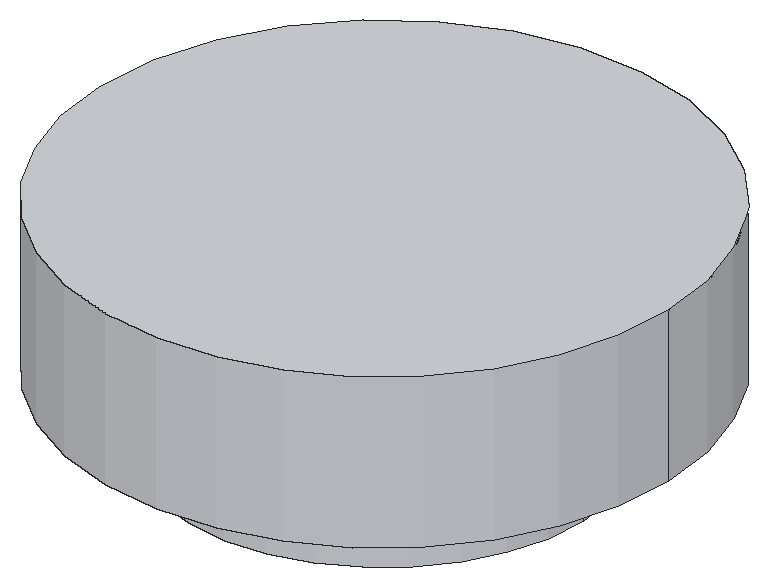
Revit family "LE_Ovalleuchte_V1700", category Leuchten, Revit 2017
Family settings
  Bemaßung runder Anschluss = Durchmesser verwenden
  Teiletyp = Normal
  OmniClass-Nummer = 23.80.70.11
  OmniClass-Titel = Luminaries for Internal Lighting
  Arbeitsebenenbasiert = Ja
  Immer vertikal = Ja
  Beim Laden mit Abzugskörper schneiden = Nein
  Lichtquelle = Ja
  Gemeinsam genutzt = Nein
  Raumberechnungspunkt = Ja
Parameters (values of type "Ovalleuchte")
  pbr_Material_KZ = ""
  pbr_Material = none
  pbr_E_Typ = ""
  pbr_E_KZ = ""
  pbr_DINBild = 0
  pbr_Bild = 0
  cpiFitMatchKey [instance] = "E_D_FL"  # constant formula
  Zentrale [instance] = ""
  built-in parameter 1150104 = 13.8 (stored number, unit not read)
  Wirkleistung [instance] = 0 W
  Wattage = 9.2903 W
  Default Elevation = 1219.2 mm
  Emit from Line Length = 609.6 mm
  built-in parameter 1150113 = 1 (stored number, unit not read)
  built-in parameter 1114218 = 1 (stored number, unit not read)
  Typ = ""
  Text3 = ""
  Text2 = ""
  Text1 = ""
  built-in parameter 1150134 = 3
  built-in parameter 1150109 = 1 (stored number, unit not read)
  Symbolabstand = 0 mm
  built-in parameter 1010506 = 0.5236 (stored number, unit not read)
  built-in parameter 1150110 = 1 (stored number, unit not read)
  Spannung = 230 V  # constant formula
  Scheinleistung [instance] = 0 VA
  Scheinlast = 0 VA
  Schaltgruppe2 [instance] = 0
  Schaltgruppe1 [instance] = 0
  Poligkeit = 1
  Planungsbüro Rohling = "www.pbr.de"
  Neigungswinkel = 60.00°
  Menge(Dosenzahl) = 1
  Light Source Symbol Length = 3048 mm
  Linie/Anschluss [instance] = ""
  built-in parameter 1114217 = 1 (stored number, unit not read)
  built-in parameter 1150139 = (empty or 0)
  built-in parameter 1150105 = 4847.6 (stored number, unit not read)
  built-in parameter 1150114 = 1 (stored number, unit not read)
  Lumens = 1380 lm
  Lichtboxmaterial = Metall - Oberfläche lackiert - Dunkelgrau, matt
  built-in parameter 1150115 = 1 (stored number, unit not read)
  Leuchtenkopf [instance] = Lampenradius * 0.7  # 182 mm
  Lastklassifizierung [instance] = none
  Lampentyp [instance] = ""
  Lampenradius = 260 mm
  built-in parameter 1150112 = 1 (stored number, unit not read)
  Lampe = "Fluter"
  Kommentar zur Wattzahl [instance] = ""
  Installationsart [instance] = ""
  Info = ""
  IFC = ""
  Höhen Kappe [instance] = Höhe * 0.7  # 140 mm
  Höhe = 200 mm
  Gewerk [instance] = "BEL"
  Feldwinkel des Spotlichts = 60.00°
  Dimming Lamp Color Temperature Shift = (empty or 0)
  Color Filter = 16777215
  Länge des Lichtquellensymbols = 3048 mm
  built-in parameter 1150137 = (empty or 0)
  built-in parameter 1150132 = (empty or 0)
  Diffusormaterial = none
  Deltaabstand [instance] = Symbolabstand + 2000 mm  # 2000 mm
  built-in parameter 1150106 = 48.476 (stored number, unit not read)
  Anschlussleitungsradius = 7 mm
  built-in parameter 1150107 = 3200 (stored number, unit not read)
  built-in parameter 1150102 = (empty or 0)
  built-in parameter 1150138 = (empty or 0)
Reference planes
  plane 1 "Mitte (Vorne/Hinten)": y = 0
  plane 2: z = 0
  plane 3 "Mitte (Links/Rechts)": x = 0
  plane 4 "Leuchte unten": z = -200
  plane 5: z = -140
  plane 6: y = 0
  plane 7: y = -2000
Forms (mm)
  Extrusion 1, solid
    sketch origin (0, 0, -200) x (-1, 0, 0) y (0, -1, 0)
      loop
        circle (0, 0) r 260
    from 60 to 200
  Extrusion 2, solid
    sketch origin (0, 0, -200) x (-1, 0, 0) y (0, -1, 0)
      loop
        circle (0, 0) r 182
    from 0 to 60
Dimensions and locks
  "Höhe": level to plane 4 "Leuchte unten"
  "Höhen Kappe": level to plane 5
  "Deltaabstand": plane 6 to plane 7
  plane 7 to plane 1 "Mitte (Vorne/Hinten)" = 2000 mm
  "Lampenradius": radius of Extrusion 1 sketch curve
  "Leuchtenkopf": radius of Extrusion 2 sketch curve
  aligned and locked: level to plane 2
  aligned and locked: level to Extrusion 1
  aligned and locked: Extrusion 1 to plane 5
  aligned and locked: plane 5 to Extrusion 2
Automatic sketch dimensions
  plane 1 "Mitte (Vorne/Hinten)" to Extrusion 1 sketch curve = 0 mm
  Extrusion 1 sketch curve to plane 3 "Mitte (Links/Rechts)" = 0 mm
  plane 1 "Mitte (Vorne/Hinten)" to Extrusion 2 sketch curve = 0 mm
  Extrusion 2 sketch curve to plane 3 "Mitte (Links/Rechts)" = 0 mm
Nested families
  nested 1: "Ovalleuchte" at (5.957, 0, -200), type "Ovalleuchte"
Connectors
  electrical at (0, 0, 0), driven by "Spannung"
    settings: on Extrusion 1, index 1, voltage 230 V, apparent load 0 VA, apparent load phase1 1000 VA, apparent load phase2 0 VA, apparent load phase3 0 VA, power factor 1, load classification "Beleuchtung", number of poles 1, system type 31, power factor state 1, is connector primary yes, connector utility no, sub classification motor no, connector description ""
  cabletrayconduit at (0, 0, 0), diameter 7, driven by "Anschlussleitungsradius"
    settings: on Extrusion 1, index 2, connector width 300 mm, connector height 300 mm, connector angle 0.00°, system type 32, placement type 0, profile type 0, connector reference index -1, is primary connector yes, connector utility param no, connector description ""
Definition of nested family "Ovalleuchte"
  Reference planes
    plane 1 "Mitte (Vorne/Hinten)": y = 0
    plane 2: z = 0
    plane 3 "Mitte (Links/Rechts)": x = 0
  Lines and regions (mm)
    Filled region 1, type "Beton", in view "Referenzebene"
      outline origin (0, -75, 0) x (1, 0, 0) y (0, 1, 0)
        loop
          line (-74.543, 0) -> (75.457, 0)
          arc (75.457, 0) -> (150.457, 75) -> (75.457, 150) r 75
          line (75.457, 150) -> (-74.543, 150)
          arc (-74.543, 150) -> (-149.543, 75) -> (-74.543, 0) r 75
    detail lines, in view "Referenzebene"
      curve 1: line (128.49, 53.033, 0) -> (-127.576, -53.033, 0)
      curve 2: line (-127.757, 52.851, 0) -> (128.672, -52.851, 0)
      curve 3: line (-74.543, 75, 0) -> (75.457, 75, 0)
